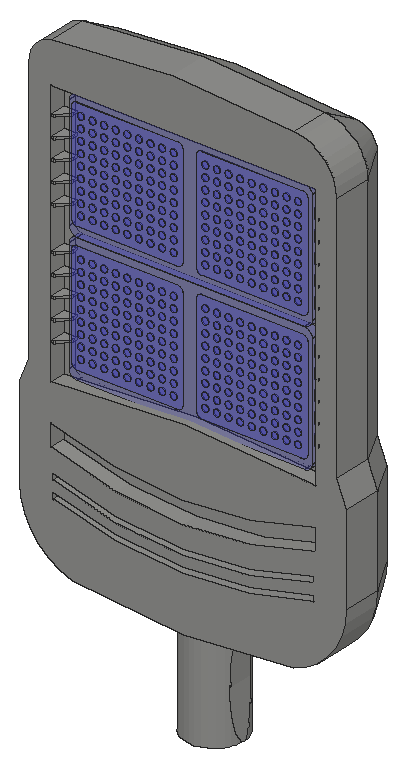
Revit family "VP-2-MAF", category Lighting Fixtures, host Face, Revit 2019
Family settings
  Host = Face
  Round Connector Dimension = Use Diameter
  Part Type = Normal
  OmniClass Number = 23.80.70.11.14.17
  OmniClass Title = Direct/Indirect
  Cut with Voids When Loaded = No
  Light Source = No
  Shared = Yes
  Room Calculation Point = No
Parameters (values of type "VP-2-MAF")
  Wattage Comments = "168W"
  Warranty = "Five year warranty"  # constant formula
  Voltage = 120 V
  URL = "https://www.currentlighting.com/beacon"
  Type Comments = "Lighting Fixture"  # constant formula
  Product Page URL = "https://www.currentlighting.com/outdoor-lighting/viper-area-size-2/9606404"
  Product Documentation Link = "https://cdn.currentlighting.com/site/specsheet/BEA_VIPERSPEC.pdf"
  Power Factor = 0.9
  Name = "Viper Area Size 2"  # constant formula
  Model = "VP-2-MAF"
  Matt Grey = MATT GREY
  Matt Black = Matt Black
  Manufacturer = "Current Lighting"  # constant formula
  Load Classification = Lighting
  Light Output = 12704.00 cd/m²
  Lamp = "LED"  # constant formula
  Grey = Grey
  Glass = Glass
  Features = "Featuring two different optical technologies, Micro Strike and Strike Optics, which provide the best distribution patterns for retrofit or new construction\r\nVibration rated for high vibration applications including bridges and overpasses\r\nControl options including photo control, occupancy sensing, NX Lighting Controls, wiSCAPE and 7-Pin with networked controls\r\nMounting options include: Arm, Universal Arm, Adjustable Arm, Mast Arm, Decorative Arm, Knuckle, Trunnion, Wall\r\nDistribution options include: Auto Front Row, Type 2, Type 3, Type 4 Forward, Type 4 Wide, Type 5 Narrow, Type 5 Medium, Type 5 Wide, Type 5 Rectangular, Corner Optic, and Tennis Court\r\n\r\n"  # constant formula
  Copyright = "© 2022 Current Lighting"  # constant formula
  Cool Grey = Cool Grey
  Contact Us = "https://www.currentlighting.com/contact-us"
  Certification = "UL"  # constant formula
  Description = "The Viper is an extremely versatile area/site luminaire which blends design, performance, and technology for a variety of applications."  # constant formula
  Default Elevation = 48.00"
  Finish = Arctic White
  Matt White = Matt White
  CRI = "70"  # constant formula
  Brand = "Beacon"  # constant formula
  Assembly Code = "D5020200"
  Apparent Load = 168 VA
Reference planes (in)
  plane 1 "Center (Front/Back)": y = 6.16697
  plane 2: z = 0
  plane 3 "Center (Left/Right)": x = 0
  plane 4: z = 3.75
  plane 5: z = -4.44
  plane 6: x = -1.75
  plane 7: x = 1.75
  plane 8: y = 4.41697
  plane 9: y = 7.91697
  plane 10: z = 120
Lines and regions (in)
  reference lines
    curve 1: line (0, 14.42606, -3.25) -> (0, 17.42606, -0.25)
    curve 2: line (0, -2.09213, -3.25) -> (0, 14.42606, -3.25)
    curve 3: line (0, -5.09213, -0.25) -> (0, -2.09213, -3.25)
    curve 4: line (0, 14.42606, -3.25) -> (0, 17.42606, -0.25)
    curve 5: line (0, -5.09213, -0.25) -> (0, 17.42606, -0.25)
    curve 6: line (0, 17.17606, -0.77432) -> (0, 17.92606, -0.77432)
    curve 7: line (0, 17.17606, -1.52432) -> (0, 17.17606, -0.77432)
    curve 8: line (0, 16.69614, -1.52432) -> (0, 17.17606, -1.52432)
    curve 9: line (0, 14.92606, -4.25) -> (0, 16.69614, -1.52432)
    curve 10: line (0, -4.3622, -1.52432) -> (0, -2.59213, -4.25)
    curve 11: line (0, -4.84213, -1.52432) -> (0, -4.3622, -1.52432)
    curve 12: line (0, -4.84213, -0.77432) -> (0, -4.84213, -1.52432)
    curve 13: line (0, -5.59213, -0.77432) -> (0, -4.84213, -0.77432)
Dimensions and locks (in)
  plane 4 to plane 2 = 3.75"
  plane 8 to plane 9 = 3.50"
  equal spacing: plane 8, plane 1 "Center (Front/Back)", plane 9
  equal spacing: plane 6, plane 3 "Center (Left/Right)", plane 7
  plane 6 to plane 7 = 3.50"
  plane 10 to plane 2 = 120.00"
  aligned and locked: plane 2 to host face
  aligned and locked: level to host face
  aligned and locked: plane 3 "Center (Left/Right)" to nested 1
  aligned and locked: plane 1 "Center (Front/Back)" to nested 1
Automatic sketch dimensions
  host sketch curve to host sketch curve = 96.00"
  host sketch curve to host sketch curve = 85.00"
  curve 3 to level = 0.25"
  plane 8 to curve 3 = 9.50909"
  curve 3 to curve 12 = 0.25"
  curve 11 to curve 11 = 0.47992"
  curve 2 to plane 5 = 1.19"
  curve 10 to curve 2 = 2.27008"
  curve 1 to plane 9 = 6.50909"
  curve 9 to level = 1.52432"
  curve 1 to curve 9 = 2.27008"
  curve 8 to curve 8 = 0.47992"
  curve 6 to curve 4 = 0.25"
  curve 10 to curve 3 = 1.27432"
  curve 7 to curve 1 = 0.52432"
  curve 12 to curve 3 = 0.52432"
  curve 13 to curve 3 = 0.50"
  curve 10 to plane 5 = 0.19"
  curve 10 to curve 2 = 0.50"
  curve 9 to plane 5 = 0.19"
  curve 1 to curve 9 = 0.50"
  curve 1 to curve 6 = 0.50"
Nested families (in)
  nested 1: "SIZE2-MAF" at (0, 6.16697, 0), type "SIZE2-MAF"
Connectors (in)
  electrical at (0, 6.16697, 0)
    settings: on nested 1, index 1, voltage 0 V, apparent load 0 VA, apparent load phase1 0 VA, apparent load phase2 0 VA, apparent load phase3 0 VA, power factor 1, load classification "Other", number of poles 1, system type 30, power factor state 1, is connector primary yes, connector utility no, sub classification motor no, connector description ""
Definition of nested family "SIZE2-MAF"
  Parameters (values of type "SIZE2-MAF")
    Width = 14.38"
    Wattage = 168 W
    built-in parameter 1150110 = 1 (stored number, unit not read)
    built-in parameter 1114217 = 1 (stored number, unit not read)
    Tilt Angle = 160.00°
    built-in parameter 1150109 = 1 (stored number, unit not read)
    built-in parameter 1150134 = 3
    built-in parameter 1150113 = 1 (stored number, unit not read)
    Photometric Web File = "VP-2-320L-170-3K7-4-BC.ies"
    Mount Length = 5.00"
    built-in parameter 1150105 = 1016 (stored number, unit not read)
    Lumens = 12768 lm
    built-in parameter 1150115 = 1 (stored number, unit not read)
    built-in parameter 1150137 = (empty or 0)
    built-in parameter 1150139 = (empty or 0)
    Length = 21.88"
    built-in parameter 1150112 = 1 (stored number, unit not read)
    built-in parameter 1150114 = 1 (stored number, unit not read)
    built-in parameter 1150132 = (empty or 0)
    built-in parameter 1150102 = (empty or 0)
    built-in parameter 1150107 = 3200 (stored number, unit not read)
    built-in parameter 1150138 = (empty or 0)
    built-in parameter 1150106 = 10.16 (stored number, unit not read)
    Glass = none
    Fixture = none
    built-in parameter 1150104 = 7.0606 (stored number, unit not read)
    Dimming Lamp Color Temperature Shift = (empty or 0)
    Default Elevation = 48.00"
    Color Filter = 16777215
    built-in parameter 1114218 = 1 (stored number, unit not read)
    built-in parameter 1150133 = 10 (stored number, unit not read)
  Reference planes (in)
    plane 1 "Center (Front/Back)": y = 0
    plane 2: z = 0
    plane 3 "Center (Left/Right)": x = 0
    plane 4: x = 7.19
    plane 5: x = -7.19
    plane 6: z = 5
    plane 7: z = 26.88
    plane 8: y = -1.74
    plane 9: y = 1.74
  Forms (in)
    Extrusion 1, solid
      sketch origin (0, 0, 0) x (1, 0, 0) y (0, 1, 0)
        loop
          line (-48, 48) -> (-48, -48) -> (48, -48) -> (48, 48) -> (-48, 48)
      from 0 to -12
    Extrusion 2, solid, material <- "Fixture"
      sketch origin (0, 0, 0) x (1, 0, 0) y (0, 0, 1)
        loop
          line (-6.90972, 13.22202) -> (-7.315, 12.17799) -> (-7.315, 8.14521)
          arc (-7.315, 8.14521) -> (-6.65907, 6.18733) -> (-4.95604, 5.01974) r 3.25
          arc (-4.95604, 5.01974) -> (0, 4.60164) -> (4.95604, 5.01974) r 29.58274
          arc (4.95604, 5.01974) -> (6.65907, 6.18733) -> (7.315, 8.14521) r 3.25
          line (7.315, 8.14521) -> (7.315, 12.17799) -> (6.8775, 13.30502) -> (6.8775, 24.46879)
          arc (6.8775, 24.46879) -> (6.31653, 25.85775) -> (4.9483, 26.46754) r 2
          arc (4.9483, 26.46754) -> (-0.47287, 26.80918) -> (-5.88692, 26.36884) r 37.73107
          arc (-5.88692, 26.36884) -> (-6.62058, 25.93919) -> (-6.90972, 25.13966) r 1.25
          line (-6.90972, 25.13966) -> (-6.90972, 13.22202)
      from 0 to 1.74
    Extrusion 3, void
      sketch origin (0, 0, 1.125) x (1, 0, 0) y (0, 0, 1)
        loop
          line (-5.94707, 9.88637) -> (-5.94707, 8.88637)
          arc (-5.94707, 8.88637) -> (-0.00354, 7.88584) -> (5.94, 8.88637) r 18.15382
          line (5.94, 8.88637) -> (5.94, 9.88637)
          arc (5.94, 9.88637) -> (-0.00354, 8.88584) -> (-5.94707, 9.88637) r 18.15382
        loop
          line (-5.85535, 7.87828) -> (-5.85535, 7.60486)
          arc (-5.85535, 7.60486) -> (0.0002, 6.63584) -> (5.85535, 7.60727) r 18.15382
          line (5.85535, 7.60727) -> (5.85535, 7.88068)
          arc (5.85535, 7.88068) -> (0.0002, 6.91466) -> (-5.85535, 7.87828) r 18.25
        loop
          line (-5.85535, 7.12828) -> (-5.85535, 6.85486)
          arc (-5.85535, 6.85486) -> (0.0002, 5.88584) -> (5.85535, 6.85727) r 18.15382
          line (5.85535, 6.85727) -> (5.85535, 7.13068)
          arc (5.85535, 7.13068) -> (0.0002, 6.16466) -> (-5.85535, 7.12828) r 18.25
      from 1 to 1.75
    Blend 4, solid, material <- "Fixture"
      base sketch origin (0, 0, 0) x (1, 0, 0) y (0, 0, 1)
        loop
          arc (6.8775, 24.46879) -> (6.31653, 25.85775) -> (4.9483, 26.46754) r 2
          arc (4.9483, 26.46754) -> (-0.47287, 26.80918) -> (-5.88692, 26.36884) r 37.73107
          arc (-5.88692, 26.36884) -> (-6.62058, 25.93919) -> (-6.90972, 25.13966) r 1.25
          line (-6.90972, 25.13966) -> (-6.90972, 13.22202) -> (-7.315, 12.17799) -> (-7.315, 8.14521)
          arc (-7.315, 8.14521) -> (-6.65907, 6.18733) -> (-4.95604, 5.01974) r 3.25
          arc (-4.95604, 5.01974) -> (0, 4.60164) -> (4.95604, 5.01974) r 29.58274
          arc (4.95604, 5.01974) -> (6.65907, 6.18733) -> (7.315, 8.14521) r 3.25
          line (7.315, 8.14521) -> (7.315, 12.17799) -> (6.8775, 13.30502) -> (6.8775, 24.46879)
      top sketch origin (0, 0, 0) x (1, 0, 0) y (0, 0, 1)
        loop
          arc (5.8775, 24.46879) -> (5.58249, 25.17801) -> (4.87152, 25.46878) r 1
          arc (4.87152, 25.46878) -> (-0.42416, 25.80959) -> (-5.71369, 25.38377) r 36.73111
          arc (-5.71369, 25.38377) -> (-5.85465, 25.2962) -> (-5.90972, 25.13966) r 0.25
          line (-5.90972, 25.13966) -> (-5.90972, 13.03474) -> (-6.315, 11.99071) -> (-6.315, 8.14521)
          arc (-6.315, 8.14521) -> (-5.87115, 6.80345) -> (-4.71471, 5.99106) r 2.25
          arc (-4.71471, 5.99106) -> (0, 5.59956) -> (4.71471, 5.99106) r 28.58482
          arc (4.71471, 5.99106) -> (5.87115, 6.80345) -> (6.315, 8.14521) r 2.25
          line (6.315, 8.14521) -> (6.315, 11.99071) -> (5.8775, 13.11774) -> (5.8775, 24.46879)
      from 0 to -1.74
    Extrusion 5, void
      sketch origin (0, 0, 0) x (1, 0, 0) y (0, 0, 1)
        loop
          arc (-5.9362, 12.64783) -> (0.00181, 12.98709) -> (5.94, 12.651) r 52.38036
          line (5.94, 12.651) -> (5.94, 24.56182) -> (-5.9362, 24.56182) -> (-5.9362, 12.64783)
      from 1 to 1.75
    Extrusion 6, solid, material <- "Glass"
      sketch origin (0, 0, -0.25) x (1, 0, 0) y (0, 0, 1)
        loop
          arc (-5.06487, 24.56182) -> (-5.31236, 24.45931) -> (-5.41487, 24.21182) r 0.35
          line (-5.41487, 24.21182) -> (-5.41487, 19.16182)
          arc (-5.41487, 19.16182) -> (-5.31236, 18.91434) -> (-5.06487, 18.81182) r 0.35
          line (-5.06487, 18.81182) -> (5.11803, 18.81182)
          arc (5.11803, 18.81182) -> (5.36552, 18.91434) -> (5.46803, 19.16182) r 0.35
          line (5.46803, 19.16182) -> (5.46803, 24.21182)
          arc (5.46803, 24.21182) -> (5.36552, 24.45931) -> (5.11803, 24.56182) r 0.35
          line (5.11803, 24.56182) -> (-5.06487, 24.56182)
      from 1 to 1.35
    Extrusion 7, solid, material <- "Glass"
      sketch origin (0, 0, -0.25) x (1, 0, 0) y (0, 0, 1)
        loop
          circle (-4.85829, 23.73694) r 0.15
        loop
          circle (-4.33955, 23.73694) r 0.15
        loop
          circle (-3.8208, 23.73694) r 0.15
        loop
          circle (-3.30205, 23.73694) r 0.15
        loop
          circle (-2.7833, 23.73694) r 0.15
        loop
          circle (-2.26455, 23.73694) r 0.15
        loop
          circle (-1.7458, 23.73694) r 0.15
        loop
          circle (-1.22705, 23.73694) r 0.15
        loop
          circle (-0.70831, 23.73694) r 0.15
        loop
          circle (-4.85829, 23.23694) r 0.15
        loop
          circle (-4.33955, 23.23694) r 0.15
        loop
          circle (-3.8208, 23.23694) r 0.15
        loop
          circle (-3.30205, 23.23694) r 0.15
        loop
          circle (-2.7833, 23.23694) r 0.15
        loop
          circle (-2.26455, 23.23694) r 0.15
        loop
          circle (-1.7458, 23.23694) r 0.15
        loop
          circle (-1.22705, 23.23694) r 0.15
        loop
          circle (-0.70831, 23.23694) r 0.15
        loop
          circle (-4.85829, 22.73694) r 0.15
        loop
          circle (-4.33955, 22.73694) r 0.15
        loop
          circle (-3.8208, 22.73694) r 0.15
        loop
          circle (-3.30205, 22.73694) r 0.15
        loop
          circle (-2.7833, 22.73694) r 0.15
        loop
          circle (-2.26455, 22.73694) r 0.15
        loop
          circle (-1.7458, 22.73694) r 0.15
        loop
          circle (-1.22705, 22.73694) r 0.15
        loop
          circle (-0.70831, 22.73694) r 0.15
        loop
          circle (-4.85829, 22.23694) r 0.15
        loop
          circle (-4.33955, 22.23694) r 0.15
        loop
          circle (-3.8208, 22.23694) r 0.15
        loop
          circle (-3.30205, 22.23694) r 0.15
        loop
          circle (-2.7833, 22.23694) r 0.15
        loop
          circle (-2.26455, 22.23694) r 0.15
        loop
          circle (-1.7458, 22.23694) r 0.15
        loop
          circle (-1.22705, 22.23694) r 0.15
        loop
          circle (-0.70831, 22.23694) r 0.15
        loop
          circle (-4.85829, 21.73694) r 0.15
        loop
          circle (-4.33955, 21.73694) r 0.15
        loop
          circle (-3.8208, 21.73694) r 0.15
        loop
          circle (-3.30205, 21.73694) r 0.15
        loop
          circle (-2.7833, 21.73694) r 0.15
        loop
          circle (-2.26455, 21.73694) r 0.15
        loop
          circle (-1.7458, 21.73694) r 0.15
        loop
          circle (-1.22705, 21.73694) r 0.15
        loop
          circle (-0.70831, 21.73694) r 0.15
        loop
          circle (-4.85829, 21.23694) r 0.15
        loop
          circle (-4.33955, 21.23694) r 0.15
        loop
          circle (-3.8208, 21.23694) r 0.15
        loop
          circle (-3.30205, 21.23694) r 0.15
        loop
          circle (-2.7833, 21.23694) r 0.15
        loop
          circle (-2.26455, 21.23694) r 0.15
        loop
          circle (-1.7458, 21.23694) r 0.15
        loop
          circle (-1.22705, 21.23694) r 0.15
        loop
          circle (-0.70831, 21.23694) r 0.15
        loop
          circle (-4.85829, 20.73694) r 0.15
        loop
          circle (-4.33955, 20.73694) r 0.15
        loop
          circle (-3.8208, 20.73694) r 0.15
        loop
          circle (-3.30205, 20.73694) r 0.15
        loop
          circle (-2.7833, 20.73694) r 0.15
        loop
          circle (-2.26455, 20.73694) r 0.15
        loop
          circle (-1.7458, 20.73694) r 0.15
        loop
          circle (-1.22705, 20.73694) r 0.15
        loop
          circle (-0.70831, 20.73694) r 0.15
        loop
          circle (-4.85829, 20.23694) r 0.15
        loop
          circle (-4.33955, 20.23694) r 0.15
        loop
          circle (-3.8208, 20.23694) r 0.15
        loop
          circle (-3.30205, 20.23694) r 0.15
        loop
          circle (-2.7833, 20.23694) r 0.15
        loop
          circle (-2.26455, 20.23694) r 0.15
        loop
          circle (-1.7458, 20.23694) r 0.15
        loop
          circle (-1.22705, 20.23694) r 0.15
        loop
          circle (-0.70831, 20.23694) r 0.15
        loop
          circle (-4.85829, 19.73694) r 0.15
        loop
          circle (-4.33955, 19.73694) r 0.15
        loop
          circle (-3.8208, 19.73694) r 0.15
        loop
          circle (-3.30205, 19.73694) r 0.15
        loop
          circle (-2.7833, 19.73694) r 0.15
        loop
          circle (-2.26455, 19.73694) r 0.15
        loop
          circle (-1.7458, 19.73694) r 0.15
        loop
          circle (-1.22705, 19.73694) r 0.15
        loop
          circle (-0.70831, 19.73694) r 0.15
      from 1.35 to 1.4
    Extrusion 8, solid, material <- "Glass"
      sketch origin (0, 0, -0.25) x (-1, 0, 0) y (0, 0, -1)
        loop
          circle (-4.85829, -23.73694) r 0.15
        loop
          circle (-4.33955, -23.73694) r 0.15
        loop
          circle (-3.8208, -23.73694) r 0.15
        loop
          circle (-3.30205, -23.73694) r 0.15
        loop
          circle (-2.7833, -23.73694) r 0.15
        loop
          circle (-2.26455, -23.73694) r 0.15
        loop
          circle (-1.7458, -23.73694) r 0.15
        loop
          circle (-1.22705, -23.73694) r 0.15
        loop
          circle (-0.70831, -23.73694) r 0.15
        loop
          circle (-4.85829, -23.23694) r 0.15
        loop
          circle (-4.33955, -23.23694) r 0.15
        loop
          circle (-3.8208, -23.23694) r 0.15
        loop
          circle (-3.30205, -23.23694) r 0.15
        loop
          circle (-2.7833, -23.23694) r 0.15
        loop
          circle (-2.26455, -23.23694) r 0.15
        loop
          circle (-1.7458, -23.23694) r 0.15
        loop
          circle (-1.22705, -23.23694) r 0.15
        loop
          circle (-0.70831, -23.23694) r 0.15
        loop
          circle (-4.85829, -22.73694) r 0.15
        loop
          circle (-4.33955, -22.73694) r 0.15
        loop
          circle (-3.8208, -22.73694) r 0.15
        loop
          circle (-3.30205, -22.73694) r 0.15
        loop
          circle (-2.7833, -22.73694) r 0.15
        loop
          circle (-2.26455, -22.73694) r 0.15
        loop
          circle (-1.7458, -22.73694) r 0.15
        loop
          circle (-1.22705, -22.73694) r 0.15
        loop
          circle (-0.70831, -22.73694) r 0.15
        loop
          circle (-4.85829, -22.23694) r 0.15
        loop
          circle (-4.33955, -22.23694) r 0.15
        loop
          circle (-3.8208, -22.23694) r 0.15
        loop
          circle (-3.30205, -22.23694) r 0.15
        loop
          circle (-2.7833, -22.23694) r 0.15
        loop
          circle (-2.26455, -22.23694) r 0.15
        loop
          circle (-1.7458, -22.23694) r 0.15
        loop
          circle (-1.22705, -22.23694) r 0.15
        loop
          circle (-0.70831, -22.23694) r 0.15
        loop
          circle (-4.85829, -21.73694) r 0.15
        loop
          circle (-4.33955, -21.73694) r 0.15
        loop
          circle (-3.8208, -21.73694) r 0.15
        loop
          circle (-3.30205, -21.73694) r 0.15
        loop
          circle (-2.7833, -21.73694) r 0.15
        loop
          circle (-2.26455, -21.73694) r 0.15
        loop
          circle (-1.7458, -21.73694) r 0.15
        loop
          circle (-1.22705, -21.73694) r 0.15
        loop
          circle (-0.70831, -21.73694) r 0.15
        loop
          circle (-4.85829, -21.23694) r 0.15
        loop
          circle (-4.33955, -21.23694) r 0.15
        loop
          circle (-3.8208, -21.23694) r 0.15
        loop
          circle (-3.30205, -21.23694) r 0.15
        loop
          circle (-2.7833, -21.23694) r 0.15
        loop
          circle (-2.26455, -21.23694) r 0.15
        loop
          circle (-1.7458, -21.23694) r 0.15
        loop
          circle (-1.22705, -21.23694) r 0.15
        loop
          circle (-0.70831, -21.23694) r 0.15
        loop
          circle (-4.85829, -20.73694) r 0.15
        loop
          circle (-4.33955, -20.73694) r 0.15
        loop
          circle (-3.8208, -20.73694) r 0.15
        loop
          circle (-3.30205, -20.73694) r 0.15
        loop
          circle (-2.7833, -20.73694) r 0.15
        loop
          circle (-2.26455, -20.73694) r 0.15
        loop
          circle (-1.7458, -20.73694) r 0.15
        loop
          circle (-1.22705, -20.73694) r 0.15
        loop
          circle (-0.70831, -20.73694) r 0.15
        loop
          circle (-4.85829, -20.23694) r 0.15
        loop
          circle (-4.33955, -20.23694) r 0.15
        loop
          circle (-3.8208, -20.23694) r 0.15
        loop
          circle (-3.30205, -20.23694) r 0.15
        loop
          circle (-2.7833, -20.23694) r 0.15
        loop
          circle (-2.26455, -20.23694) r 0.15
        loop
          circle (-1.7458, -20.23694) r 0.15
        loop
          circle (-1.22705, -20.23694) r 0.15
        loop
          circle (-0.70831, -20.23694) r 0.15
        loop
          circle (-4.85829, -19.73694) r 0.15
        loop
          circle (-4.33955, -19.73694) r 0.15
        loop
          circle (-3.8208, -19.73694) r 0.15
        loop
          circle (-3.30205, -19.73694) r 0.15
        loop
          circle (-2.7833, -19.73694) r 0.15
        loop
          circle (-2.26455, -19.73694) r 0.15
        loop
          circle (-1.7458, -19.73694) r 0.15
        loop
          circle (-1.22705, -19.73694) r 0.15
        loop
          circle (-0.70831, -19.73694) r 0.15
      from 1.35 to 1.4
    Extrusion 9, solid, material <- "Glass"
      sketch origin (0, 0, -0.25) x (1, 0, 0) y (0, 0, 1)
        loop
          arc (-5.04655, 24.2409) -> (-5.22333, 24.16768) -> (-5.29655, 23.9909) r 0.25
          line (-5.29655, 23.9909) -> (-5.29655, 19.4909)
          arc (-5.29655, 19.4909) -> (-5.22333, 19.31412) -> (-5.04655, 19.2409) r 0.25
          line (-5.04655, 19.2409) -> (-0.54655, 19.2409)
          arc (-0.54655, 19.2409) -> (-0.36977, 19.31412) -> (-0.29655, 19.4909) r 0.25
          line (-0.29655, 19.4909) -> (-0.29655, 23.9909)
          arc (-0.29655, 23.9909) -> (-0.36977, 24.16768) -> (-0.54655, 24.2409) r 0.25
          line (-0.54655, 24.2409) -> (-5.04655, 24.2409)
      from 1.35 to 1.37213
    Extrusion 10, solid, material <- "Glass"
      sketch origin (0, 0, -0.25) x (-1, 0, 0) y (0, 0, -1)
        loop
          line (-5.04655, -24.2409) -> (-0.54655, -24.2409)
          arc (-0.54655, -24.2409) -> (-0.36977, -24.16768) -> (-0.29655, -23.9909) r 0.25
          line (-0.29655, -23.9909) -> (-0.29655, -19.4909)
          arc (-0.29655, -19.4909) -> (-0.36977, -19.31412) -> (-0.54655, -19.2409) r 0.25
          line (-0.54655, -19.2409) -> (-5.04655, -19.2409)
          arc (-5.04655, -19.2409) -> (-5.22333, -19.31412) -> (-5.29655, -19.4909) r 0.25
          line (-5.29655, -19.4909) -> (-5.29655, -23.9909)
          arc (-5.29655, -23.9909) -> (-5.22333, -24.16768) -> (-5.04655, -24.2409) r 0.25
      from 1.35 to 1.37213
    Extrusion 11, solid, material <- "Fixture"
      sketch origin (0.125, 0, -0.75) x (1, 0, 0) y (0, 1, 0)
        loop
          line (5.34818, -1) -> (5.34818, -1.20146)
          arc (5.34818, -1.20146) -> (5.35492, -1.23973) -> (5.37436, -1.27339) r 0.1119
          line (5.37436, -1.27339) -> (5.73492, -1.70309)
          arc (5.73492, -1.70309) -> (5.76289, -1.72455) -> (5.79732, -1.73219) r 0.08147
          line (5.79732, -1.73219) -> (5.94, -1.73219) -> (5.94, -1) -> (5.34818, -1)
      from 18.55 to 18.65
    Extrusion 12, solid, material <- "Fixture"
      sketch origin (0.125, 0, -1.65239) x (1, 0, 0) y (0, 1, 0)
        loop
          line (5.34818, -1) -> (5.34818, -1.20146)
          arc (5.34818, -1.20146) -> (5.35492, -1.23973) -> (5.37436, -1.27339) r 0.1119
          line (5.37436, -1.27339) -> (5.73492, -1.70309)
          arc (5.73492, -1.70309) -> (5.76289, -1.72455) -> (5.79732, -1.73219) r 0.08147
          line (5.79732, -1.73219) -> (5.94, -1.73219) -> (5.94, -1) -> (5.34818, -1)
      from 18.55 to 18.65
    Extrusion 13, solid, material <- "Fixture"
      sketch origin (0.125, 0, -2.54421) x (1, 0, 0) y (0, 1, 0)
        loop
          line (5.34818, -1) -> (5.34818, -1.20146)
          arc (5.34818, -1.20146) -> (5.35492, -1.23973) -> (5.37436, -1.27339) r 0.1119
          line (5.37436, -1.27339) -> (5.73492, -1.70309)
          arc (5.73492, -1.70309) -> (5.76289, -1.72455) -> (5.79732, -1.73219) r 0.08147
          line (5.79732, -1.73219) -> (5.94, -1.73219) -> (5.94, -1) -> (5.34818, -1)
      from 18.55 to 18.65
    Extrusion 14, solid, material <- "Fixture"
      sketch origin (0.125, 0, -3.43603) x (1, 0, 0) y (0, 1, 0)
        loop
          line (5.34818, -1) -> (5.34818, -1.20146)
          arc (5.34818, -1.20146) -> (5.35492, -1.23973) -> (5.37436, -1.27339) r 0.1119
          line (5.37436, -1.27339) -> (5.73492, -1.70309)
          arc (5.73492, -1.70309) -> (5.76289, -1.72455) -> (5.79732, -1.73219) r 0.08147
          line (5.79732, -1.73219) -> (5.94, -1.73219) -> (5.94, -1) -> (5.34818, -1)
      from 18.55 to 18.65
    Extrusion 15, solid, material <- "Fixture"
      sketch origin (0.125, 0, -4.32681) x (1, 0, 0) y (0, 1, 0)
        loop
          line (5.34818, -1) -> (5.34818, -1.20146)
          arc (5.34818, -1.20146) -> (5.35492, -1.23973) -> (5.37436, -1.27339) r 0.1119
          line (5.37436, -1.27339) -> (5.73492, -1.70309)
          arc (5.73492, -1.70309) -> (5.76289, -1.72455) -> (5.79732, -1.73219) r 0.08147
          line (5.79732, -1.73219) -> (5.94, -1.73219) -> (5.94, -1) -> (5.34818, -1)
      from 18.55 to 18.65
    Extrusion 16, solid, material <- "Fixture"
      sketch origin (0, 0, -0.75) x (-1, 0, 0) y (0, -1, 0)
        loop
          line (5.34818, 1) -> (5.94, 1) -> (5.94, 1.73219) -> (5.79732, 1.73219)
          arc (5.79732, 1.73219) -> (5.76289, 1.72455) -> (5.73492, 1.70309) r 0.08147
          line (5.73492, 1.70309) -> (5.37436, 1.27339)
          arc (5.37436, 1.27339) -> (5.35492, 1.23973) -> (5.34818, 1.20146) r 0.1119
          line (5.34818, 1.20146) -> (5.34818, 1)
      from 18.55 to 18.65
    Extrusion 17, solid, material <- "Fixture"
      sketch origin (0, 0, -1.65239) x (-1, 0, 0) y (0, -1, 0)
        loop
          line (5.34818, 1) -> (5.94, 1) -> (5.94, 1.73219) -> (5.79732, 1.73219)
          arc (5.79732, 1.73219) -> (5.76289, 1.72455) -> (5.73492, 1.70309) r 0.08147
          line (5.73492, 1.70309) -> (5.37436, 1.27339)
          arc (5.37436, 1.27339) -> (5.35492, 1.23973) -> (5.34818, 1.20146) r 0.1119
          line (5.34818, 1.20146) -> (5.34818, 1)
      from 18.55 to 18.65
    Extrusion 18, solid, material <- "Fixture"
      sketch origin (0, 0, -2.54421) x (-1, 0, 0) y (0, -1, 0)
        loop
          line (5.34818, 1) -> (5.94, 1) -> (5.94, 1.73219) -> (5.79732, 1.73219)
          arc (5.79732, 1.73219) -> (5.76289, 1.72455) -> (5.73492, 1.70309) r 0.08147
          line (5.73492, 1.70309) -> (5.37436, 1.27339)
          arc (5.37436, 1.27339) -> (5.35492, 1.23973) -> (5.34818, 1.20146) r 0.1119
          line (5.34818, 1.20146) -> (5.34818, 1)
      from 18.55 to 18.65
    Extrusion 19, solid, material <- "Fixture"
      sketch origin (0, 0, -3.43603) x (-1, 0, 0) y (0, -1, 0)
        loop
          line (5.34818, 1) -> (5.94, 1) -> (5.94, 1.73219) -> (5.79732, 1.73219)
          arc (5.79732, 1.73219) -> (5.76289, 1.72455) -> (5.73492, 1.70309) r 0.08147
          line (5.73492, 1.70309) -> (5.37436, 1.27339)
          arc (5.37436, 1.27339) -> (5.35492, 1.23973) -> (5.34818, 1.20146) r 0.1119
          line (5.34818, 1.20146) -> (5.34818, 1)
      from 18.55 to 18.65
    Extrusion 20, solid, material <- "Fixture"
      sketch origin (0, 0, -4.32681) x (-1, 0, 0) y (0, -1, 0)
        loop
          line (5.34818, 1) -> (5.94, 1) -> (5.94, 1.73219) -> (5.79732, 1.73219)
          arc (5.79732, 1.73219) -> (5.76289, 1.72455) -> (5.73492, 1.70309) r 0.08147
          line (5.73492, 1.70309) -> (5.37436, 1.27339)
          arc (5.37436, 1.27339) -> (5.35492, 1.23973) -> (5.34818, 1.20146) r 0.1119
          line (5.34818, 1.20146) -> (5.34818, 1)
      from 18.55 to 18.65
    Extrusion 21, solid, material <- "Fixture"
      sketch origin (0.125, 0, 4.75) x (1, 0, 0) y (0, 1, 0)
        loop
          line (5.34818, -1) -> (5.34818, -1.20146)
          arc (5.34818, -1.20146) -> (5.35492, -1.23973) -> (5.37436, -1.27339) r 0.1119
          line (5.37436, -1.27339) -> (5.73492, -1.70309)
          arc (5.73492, -1.70309) -> (5.76289, -1.72455) -> (5.79732, -1.73219) r 0.08147
          line (5.79732, -1.73219) -> (5.94, -1.73219) -> (5.94, -1) -> (5.34818, -1)
      from 18.55 to 18.65
    Extrusion 22, solid, material <- "Fixture"
      sketch origin (0.125, 0, 3.84761) x (1, 0, 0) y (0, 1, 0)
        loop
          line (5.34818, -1) -> (5.34818, -1.20146)
          arc (5.34818, -1.20146) -> (5.35492, -1.23973) -> (5.37436, -1.27339) r 0.1119
          line (5.37436, -1.27339) -> (5.73492, -1.70309)
          arc (5.73492, -1.70309) -> (5.76289, -1.72455) -> (5.79732, -1.73219) r 0.08147
          line (5.79732, -1.73219) -> (5.94, -1.73219) -> (5.94, -1) -> (5.34818, -1)
      from 18.55 to 18.65
    Extrusion 23, solid, material <- "Fixture"
      sketch origin (0.125, 0, 2.95579) x (1, 0, 0) y (0, 1, 0)
        loop
          line (5.34818, -1) -> (5.34818, -1.20146)
          arc (5.34818, -1.20146) -> (5.35492, -1.23973) -> (5.37436, -1.27339) r 0.1119
          line (5.37436, -1.27339) -> (5.73492, -1.70309)
          arc (5.73492, -1.70309) -> (5.76289, -1.72455) -> (5.79732, -1.73219) r 0.08147
          line (5.79732, -1.73219) -> (5.94, -1.73219) -> (5.94, -1) -> (5.34818, -1)
      from 18.55 to 18.65
    Extrusion 24, solid, material <- "Fixture"
      sketch origin (0.125, 0, 2.06397) x (1, 0, 0) y (0, 1, 0)
        loop
          line (5.34818, -1) -> (5.34818, -1.20146)
          arc (5.34818, -1.20146) -> (5.35492, -1.23973) -> (5.37436, -1.27339) r 0.1119
          line (5.37436, -1.27339) -> (5.73492, -1.70309)
          arc (5.73492, -1.70309) -> (5.76289, -1.72455) -> (5.79732, -1.73219) r 0.08147
          line (5.79732, -1.73219) -> (5.94, -1.73219) -> (5.94, -1) -> (5.34818, -1)
      from 18.55 to 18.65
    Extrusion 25, solid, material <- "Fixture"
      sketch origin (0.125, 0, 1.17319) x (1, 0, 0) y (0, 1, 0)
        loop
          line (5.34818, -1) -> (5.34818, -1.20146)
          arc (5.34818, -1.20146) -> (5.35492, -1.23973) -> (5.37436, -1.27339) r 0.1119
          line (5.37436, -1.27339) -> (5.73492, -1.70309)
          arc (5.73492, -1.70309) -> (5.76289, -1.72455) -> (5.79732, -1.73219) r 0.08147
          line (5.79732, -1.73219) -> (5.94, -1.73219) -> (5.94, -1) -> (5.34818, -1)
      from 18.55 to 18.65
    Extrusion 26, solid, material <- "Fixture"
      sketch origin (0, 0, 4.75) x (-1, 0, 0) y (0, -1, 0)
        loop
          line (5.34818, 1) -> (5.94, 1) -> (5.94, 1.73219) -> (5.79732, 1.73219)
          arc (5.79732, 1.73219) -> (5.76289, 1.72455) -> (5.73492, 1.70309) r 0.08147
          line (5.73492, 1.70309) -> (5.37436, 1.27339)
          arc (5.37436, 1.27339) -> (5.35492, 1.23973) -> (5.34818, 1.20146) r 0.1119
          line (5.34818, 1.20146) -> (5.34818, 1)
      from 18.55 to 18.65
    Extrusion 27, solid, material <- "Fixture"
      sketch origin (0, 0, 3.84761) x (-1, 0, 0) y (0, -1, 0)
        loop
          line (5.34818, 1) -> (5.94, 1) -> (5.94, 1.73219) -> (5.79732, 1.73219)
          arc (5.79732, 1.73219) -> (5.76289, 1.72455) -> (5.73492, 1.70309) r 0.08147
          line (5.73492, 1.70309) -> (5.37436, 1.27339)
          arc (5.37436, 1.27339) -> (5.35492, 1.23973) -> (5.34818, 1.20146) r 0.1119
          line (5.34818, 1.20146) -> (5.34818, 1)
      from 18.55 to 18.65
    Extrusion 28, solid, material <- "Fixture"
      sketch origin (0, 0, 2.95579) x (-1, 0, 0) y (0, -1, 0)
        loop
          line (5.34818, 1) -> (5.94, 1) -> (5.94, 1.73219) -> (5.79732, 1.73219)
          arc (5.79732, 1.73219) -> (5.76289, 1.72455) -> (5.73492, 1.70309) r 0.08147
          line (5.73492, 1.70309) -> (5.37436, 1.27339)
          arc (5.37436, 1.27339) -> (5.35492, 1.23973) -> (5.34818, 1.20146) r 0.1119
          line (5.34818, 1.20146) -> (5.34818, 1)
      from 18.55 to 18.65
    Extrusion 29, solid, material <- "Fixture"
      sketch origin (0, 0, 2.06397) x (-1, 0, 0) y (0, -1, 0)
        loop
          line (5.34818, 1) -> (5.94, 1) -> (5.94, 1.73219) -> (5.79732, 1.73219)
          arc (5.79732, 1.73219) -> (5.76289, 1.72455) -> (5.73492, 1.70309) r 0.08147
          line (5.73492, 1.70309) -> (5.37436, 1.27339)
          arc (5.37436, 1.27339) -> (5.35492, 1.23973) -> (5.34818, 1.20146) r 0.1119
          line (5.34818, 1.20146) -> (5.34818, 1)
      from 18.55 to 18.65
    Extrusion 30, solid, material <- "Fixture"
      sketch origin (0, 0, 1.17319) x (-1, 0, 0) y (0, -1, 0)
        loop
          line (5.34818, 1) -> (5.94, 1) -> (5.94, 1.73219) -> (5.79732, 1.73219)
          arc (5.79732, 1.73219) -> (5.76289, 1.72455) -> (5.73492, 1.70309) r 0.08147
          line (5.73492, 1.70309) -> (5.37436, 1.27339)
          arc (5.37436, 1.27339) -> (5.35492, 1.23973) -> (5.34818, 1.20146) r 0.1119
          line (5.34818, 1.20146) -> (5.34818, 1)
      from 18.55 to 18.65
    Extrusion 31, solid, material <- "Glass"
      sketch origin (0, 0, -6) x (1, 0, 0) y (0, 0, 1)
        loop
          arc (-5.06487, 24.56182) -> (-5.31236, 24.45931) -> (-5.41487, 24.21182) r 0.35
          line (-5.41487, 24.21182) -> (-5.41487, 19.16182)
          arc (-5.41487, 19.16182) -> (-5.31236, 18.91434) -> (-5.06487, 18.81182) r 0.35
          line (-5.06487, 18.81182) -> (5.11803, 18.81182)
          arc (5.11803, 18.81182) -> (5.36552, 18.91434) -> (5.46803, 19.16182) r 0.35
          line (5.46803, 19.16182) -> (5.46803, 24.21182)
          arc (5.46803, 24.21182) -> (5.36552, 24.45931) -> (5.11803, 24.56182) r 0.35
          line (5.11803, 24.56182) -> (-5.06487, 24.56182)
      from 1 to 1.35
    Extrusion 32, solid, material <- "Glass"
      sketch origin (0, 0, -6) x (1, 0, 0) y (0, 0, 1)
        loop
          circle (-4.85829, 23.73694) r 0.15
        loop
          circle (-4.33955, 23.73694) r 0.15
        loop
          circle (-3.8208, 23.73694) r 0.15
        loop
          circle (-3.30205, 23.73694) r 0.15
        loop
          circle (-2.7833, 23.73694) r 0.15
        loop
          circle (-2.26455, 23.73694) r 0.15
        loop
          circle (-1.7458, 23.73694) r 0.15
        loop
          circle (-1.22705, 23.73694) r 0.15
        loop
          circle (-0.70831, 23.73694) r 0.15
        loop
          circle (-4.85829, 23.23694) r 0.15
        loop
          circle (-4.33955, 23.23694) r 0.15
        loop
          circle (-3.8208, 23.23694) r 0.15
        loop
          circle (-3.30205, 23.23694) r 0.15
        loop
          circle (-2.7833, 23.23694) r 0.15
        loop
          circle (-2.26455, 23.23694) r 0.15
        loop
          circle (-1.7458, 23.23694) r 0.15
        loop
          circle (-1.22705, 23.23694) r 0.15
        loop
          circle (-0.70831, 23.23694) r 0.15
        loop
          circle (-4.85829, 22.73694) r 0.15
        loop
          circle (-4.33955, 22.73694) r 0.15
        loop
          circle (-3.8208, 22.73694) r 0.15
        loop
          circle (-3.30205, 22.73694) r 0.15
        loop
          circle (-2.7833, 22.73694) r 0.15
        loop
          circle (-2.26455, 22.73694) r 0.15
        loop
          circle (-1.7458, 22.73694) r 0.15
        loop
          circle (-1.22705, 22.73694) r 0.15
        loop
          circle (-0.70831, 22.73694) r 0.15
        loop
          circle (-4.85829, 22.23694) r 0.15
        loop
          circle (-4.33955, 22.23694) r 0.15
        loop
          circle (-3.8208, 22.23694) r 0.15
        loop
          circle (-3.30205, 22.23694) r 0.15
        loop
          circle (-2.7833, 22.23694) r 0.15
        loop
          circle (-2.26455, 22.23694) r 0.15
        loop
          circle (-1.7458, 22.23694) r 0.15
        loop
          circle (-1.22705, 22.23694) r 0.15
        loop
          circle (-0.70831, 22.23694) r 0.15
        loop
          circle (-4.85829, 21.73694) r 0.15
        loop
          circle (-4.33955, 21.73694) r 0.15
        loop
          circle (-3.8208, 21.73694) r 0.15
        loop
          circle (-3.30205, 21.73694) r 0.15
        loop
          circle (-2.7833, 21.73694) r 0.15
        loop
          circle (-2.26455, 21.73694) r 0.15
        loop
          circle (-1.7458, 21.73694) r 0.15
        loop
          circle (-1.22705, 21.73694) r 0.15
        loop
          circle (-0.70831, 21.73694) r 0.15
        loop
          circle (-4.85829, 21.23694) r 0.15
        loop
          circle (-4.33955, 21.23694) r 0.15
        loop
          circle (-3.8208, 21.23694) r 0.15
        loop
          circle (-3.30205, 21.23694) r 0.15
        loop
          circle (-2.7833, 21.23694) r 0.15
        loop
          circle (-2.26455, 21.23694) r 0.15
        loop
          circle (-1.7458, 21.23694) r 0.15
        loop
          circle (-1.22705, 21.23694) r 0.15
        loop
          circle (-0.70831, 21.23694) r 0.15
        loop
          circle (-4.85829, 20.73694) r 0.15
        loop
          circle (-4.33955, 20.73694) r 0.15
        loop
          circle (-3.8208, 20.73694) r 0.15
        loop
          circle (-3.30205, 20.73694) r 0.15
        loop
          circle (-2.7833, 20.73694) r 0.15
        loop
          circle (-2.26455, 20.73694) r 0.15
        loop
          circle (-1.7458, 20.73694) r 0.15
        loop
          circle (-1.22705, 20.73694) r 0.15
        loop
          circle (-0.70831, 20.73694) r 0.15
        loop
          circle (-4.85829, 20.23694) r 0.15
        loop
          circle (-4.33955, 20.23694) r 0.15
        loop
          circle (-3.8208, 20.23694) r 0.15
        loop
          circle (-3.30205, 20.23694) r 0.15
        loop
          circle (-2.7833, 20.23694) r 0.15
        loop
          circle (-2.26455, 20.23694) r 0.15
        loop
          circle (-1.7458, 20.23694) r 0.15
        loop
          circle (-1.22705, 20.23694) r 0.15
        loop
          circle (-0.70831, 20.23694) r 0.15
        loop
          circle (-4.85829, 19.73694) r 0.15
        loop
          circle (-4.33955, 19.73694) r 0.15
        loop
          circle (-3.8208, 19.73694) r 0.15
        loop
          circle (-3.30205, 19.73694) r 0.15
        loop
          circle (-2.7833, 19.73694) r 0.15
        loop
          circle (-2.26455, 19.73694) r 0.15
        loop
          circle (-1.7458, 19.73694) r 0.15
        loop
          circle (-1.22705, 19.73694) r 0.15
        loop
          circle (-0.70831, 19.73694) r 0.15
      from 1.35 to 1.4
    Extrusion 33, solid, material <- "Glass"
      sketch origin (0, 0, -6) x (-1, 0, 0) y (0, 0, -1)
        loop
          circle (-4.85829, -23.73694) r 0.15
        loop
          circle (-4.33955, -23.73694) r 0.15
        loop
          circle (-3.8208, -23.73694) r 0.15
        loop
          circle (-3.30205, -23.73694) r 0.15
        loop
          circle (-2.7833, -23.73694) r 0.15
        loop
          circle (-2.26455, -23.73694) r 0.15
        loop
          circle (-1.7458, -23.73694) r 0.15
        loop
          circle (-1.22705, -23.73694) r 0.15
        loop
          circle (-0.70831, -23.73694) r 0.15
        loop
          circle (-4.85829, -23.23694) r 0.15
        loop
          circle (-4.33955, -23.23694) r 0.15
        loop
          circle (-3.8208, -23.23694) r 0.15
        loop
          circle (-3.30205, -23.23694) r 0.15
        loop
          circle (-2.7833, -23.23694) r 0.15
        loop
          circle (-2.26455, -23.23694) r 0.15
        loop
          circle (-1.7458, -23.23694) r 0.15
        loop
          circle (-1.22705, -23.23694) r 0.15
        loop
          circle (-0.70831, -23.23694) r 0.15
        loop
          circle (-4.85829, -22.73694) r 0.15
        loop
          circle (-4.33955, -22.73694) r 0.15
        loop
          circle (-3.8208, -22.73694) r 0.15
        loop
          circle (-3.30205, -22.73694) r 0.15
        loop
          circle (-2.7833, -22.73694) r 0.15
        loop
          circle (-2.26455, -22.73694) r 0.15
        loop
          circle (-1.7458, -22.73694) r 0.15
        loop
          circle (-1.22705, -22.73694) r 0.15
        loop
          circle (-0.70831, -22.73694) r 0.15
        loop
          circle (-4.85829, -22.23694) r 0.15
        loop
          circle (-4.33955, -22.23694) r 0.15
        loop
          circle (-3.8208, -22.23694) r 0.15
        loop
          circle (-3.30205, -22.23694) r 0.15
        loop
          circle (-2.7833, -22.23694) r 0.15
        loop
          circle (-2.26455, -22.23694) r 0.15
        loop
          circle (-1.7458, -22.23694) r 0.15
        loop
          circle (-1.22705, -22.23694) r 0.15
        loop
          circle (-0.70831, -22.23694) r 0.15
        loop
          circle (-4.85829, -21.73694) r 0.15
        loop
          circle (-4.33955, -21.73694) r 0.15
        loop
          circle (-3.8208, -21.73694) r 0.15
        loop
          circle (-3.30205, -21.73694) r 0.15
        loop
          circle (-2.7833, -21.73694) r 0.15
        loop
          circle (-2.26455, -21.73694) r 0.15
        loop
          circle (-1.7458, -21.73694) r 0.15
        loop
          circle (-1.22705, -21.73694) r 0.15
        loop
          circle (-0.70831, -21.73694) r 0.15
        loop
          circle (-4.85829, -21.23694) r 0.15
        loop
          circle (-4.33955, -21.23694) r 0.15
        loop
          circle (-3.8208, -21.23694) r 0.15
        loop
          circle (-3.30205, -21.23694) r 0.15
        loop
          circle (-2.7833, -21.23694) r 0.15
        loop
          circle (-2.26455, -21.23694) r 0.15
        loop
          circle (-1.7458, -21.23694) r 0.15
        loop
          circle (-1.22705, -21.23694) r 0.15
        loop
          circle (-0.70831, -21.23694) r 0.15
        loop
          circle (-4.85829, -20.73694) r 0.15
        loop
          circle (-4.33955, -20.73694) r 0.15
        loop
          circle (-3.8208, -20.73694) r 0.15
        loop
          circle (-3.30205, -20.73694) r 0.15
        loop
          circle (-2.7833, -20.73694) r 0.15
        loop
          circle (-2.26455, -20.73694) r 0.15
        loop
          circle (-1.7458, -20.73694) r 0.15
        loop
          circle (-1.22705, -20.73694) r 0.15
        loop
          circle (-0.70831, -20.73694) r 0.15
        loop
          circle (-4.85829, -20.23694) r 0.15
        loop
          circle (-4.33955, -20.23694) r 0.15
        loop
          circle (-3.8208, -20.23694) r 0.15
        loop
          circle (-3.30205, -20.23694) r 0.15
        loop
          circle (-2.7833, -20.23694) r 0.15
        loop
          circle (-2.26455, -20.23694) r 0.15
        loop
          circle (-1.7458, -20.23694) r 0.15
        loop
          circle (-1.22705, -20.23694) r 0.15
        loop
          circle (-0.70831, -20.23694) r 0.15
        loop
          circle (-4.85829, -19.73694) r 0.15
        loop
          circle (-4.33955, -19.73694) r 0.15
        loop
          circle (-3.8208, -19.73694) r 0.15
        loop
          circle (-3.30205, -19.73694) r 0.15
        loop
          circle (-2.7833, -19.73694) r 0.15
        loop
          circle (-2.26455, -19.73694) r 0.15
        loop
          circle (-1.7458, -19.73694) r 0.15
        loop
          circle (-1.22705, -19.73694) r 0.15
        loop
          circle (-0.70831, -19.73694) r 0.15
      from 1.35 to 1.4
    Extrusion 34, solid, material <- "Glass"
      sketch origin (0, 0, -6) x (1, 0, 0) y (0, 0, 1)
        loop
          arc (-5.04655, 24.2409) -> (-5.22333, 24.16768) -> (-5.29655, 23.9909) r 0.25
          line (-5.29655, 23.9909) -> (-5.29655, 19.4909)
          arc (-5.29655, 19.4909) -> (-5.22333, 19.31412) -> (-5.04655, 19.2409) r 0.25
          line (-5.04655, 19.2409) -> (-0.54655, 19.2409)
          arc (-0.54655, 19.2409) -> (-0.36977, 19.31412) -> (-0.29655, 19.4909) r 0.25
          line (-0.29655, 19.4909) -> (-0.29655, 23.9909)
          arc (-0.29655, 23.9909) -> (-0.36977, 24.16768) -> (-0.54655, 24.2409) r 0.25
          line (-0.54655, 24.2409) -> (-5.04655, 24.2409)
      from 1.35 to 1.37213
    Extrusion 35, solid, material <- "Glass"
      sketch origin (0, 0, -6) x (-1, 0, 0) y (0, 0, -1)
        loop
          line (-5.04655, -24.2409) -> (-0.54655, -24.2409)
          arc (-0.54655, -24.2409) -> (-0.36977, -24.16768) -> (-0.29655, -23.9909) r 0.25
          line (-0.29655, -23.9909) -> (-0.29655, -19.4909)
          arc (-0.29655, -19.4909) -> (-0.36977, -19.31412) -> (-0.54655, -19.2409) r 0.25
          line (-0.54655, -19.2409) -> (-5.04655, -19.2409)
          arc (-5.04655, -19.2409) -> (-5.22333, -19.31412) -> (-5.29655, -19.4909) r 0.25
          line (-5.29655, -19.4909) -> (-5.29655, -23.9909)
          arc (-5.29655, -23.9909) -> (-5.22333, -24.16768) -> (-5.04655, -24.2409) r 0.25
      from 1.35 to 1.37213
    Extrusion 36, solid, material <- "Fixture"
      sketch origin (0, 0, 0) x (1, 0, 0) y (0, 1, 0)
        loop
          circle (0, 0) r 1.3
      from 0 to 5.42072
    Extrusion 37, void
      sketch origin (0.01562, 0, 0) x (1, 0, 0) y (0, 0, 1)
        loop
          line (1.38526, -0.76382) -> (1.38526, 5.39909)
          arc (1.38526, 5.39909) -> (1.14926, 2.31764) -> (1.38526, -0.76382) r 20.23524
        loop
          arc (-1.38779, -0.57109) -> (-1.18055, 2.31764) -> (-1.38779, 5.20636) r 20.23682
          line (-1.38779, 5.20636) -> (-1.38779, -0.57109)
      from -0.74694 to 0.66769
  Cuts and joins
    Extrusion 3, Extrusion 5 cuts Extrusion 2
    Extrusion 5 cuts Blend 4
    joined: Extrusion 2, Blend 4
    Extrusion 37 cuts Extrusion 36
  Dimensions and locks (in)
    equal spacing: plane 4, plane 3 "Center (Left/Right)", plane 5
    "Width": plane 4 to plane 5
    "Length": plane 7 to plane 6
    "Mount Length": plane 6 to plane 2
    aligned and locked: plane 2 to Extrusion 1
    aligned and locked: level to Extrusion 1
  Automatic sketch dimensions
    Extrusion 1 sketch curve to Extrusion 1 sketch curve = 96.00"  (x2)
    Extrusion 2 sketch curve to plane 3 "Center (Left/Right)" = 0.00"
    Extrusion 2 sketch curve to plane 3 "Center (Left/Right)" = 0.12919"
    plane 5 to Extrusion 2 sketch curve = 3.125"
    plane 5 to Extrusion 2 sketch curve = 1.53028"
    plane 5 to Extrusion 2 sketch curve = 0.28028"
    Extrusion 2 sketch curve to plane 5 = 0.125"
    Extrusion 2 sketch curve to plane 4 = 3.125"
    Extrusion 2 sketch curve to plane 4 = 2.3125"
    Extrusion 2 sketch curve to plane 4 = 0.3125"
    plane 4 to Extrusion 2 sketch curve = 0.125"
    Extrusion 2 sketch curve to level = 10.92033"
    plane 6 to Extrusion 2 sketch curve = 3.14521"
    Extrusion 2 sketch curve to Extrusion 2 sketch curve = 0.00"
    Extrusion 2 sketch curve to Extrusion 2 sketch curve = 4.03278"  (x2)
    Extrusion 2 sketch curve to Extrusion 2 sketch curve = 1.04403"
    Extrusion 2 sketch curve to Extrusion 2 sketch curve = 1.12703"
    Extrusion 2 sketch curve to plane 7 = 2.41121"
    Extrusion 2 sketch curve to Extrusion 2 sketch curve = 0.67087"
    plane 7 to Extrusion 2 sketch curve = 7.30438"
    plane 6 to Extrusion 2 sketch curve = 0.01974"
    Extrusion 2 sketch curve to plane 7 = 0.51116"
    plane 5 to Extrusion 3 sketch curve = 1.24293"
    plane 5 to Extrusion 3 sketch curve = 1.33465"
    Extrusion 3 sketch curve to Extrusion 3 sketch curve = 0.00"  (x2)
    Extrusion 3 sketch curve to plane 3 "Center (Left/Right)" = 0.00354"  (x6)
    Extrusion 3 sketch curve to plane 4 = 1.33465"
    Extrusion 3 sketch curve to plane 4 = 1.25"
    plane 6 to Extrusion 3 sketch curve = 2.97986"
    level to Extrusion 3 sketch curve = 7.98227"
    Extrusion 3 sketch curve to Extrusion 3 sketch curve = 0.27343"  (x2)
    Extrusion 3 sketch curve to Extrusion 3 sketch curve = 0.27341"  (x2)
    Extrusion 3 sketch curve to Extrusion 3 sketch curve = 0.47657"
    Extrusion 3 sketch curve to Extrusion 3 sketch curve = 0.47659"
    Extrusion 3 sketch curve to Extrusion 3 sketch curve = 1.00808"
    Extrusion 3 sketch curve to Extrusion 3 sketch curve = 1.00"
    plane 7 to Extrusion 3 sketch curve = 0.28466"
    plane 7 to Extrusion 3 sketch curve = 1.28466"
    Blend 4 sketch curve to plane 3 "Center (Left/Right)" = 0.00"  (x2)
    Blend 4 sketch curve to plane 3 "Center (Left/Right)" = 0.12919"  (x2)
    plane 5 to Blend 4 sketch curve = 3.125"  (x2)
    plane 5 to Blend 4 sketch curve = 1.53028"  (x2)
    plane 5 to Blend 4 sketch curve = 0.28028"
    Blend 4 sketch curve to plane 5 = 0.125"
    Blend 4 sketch curve to plane 4 = 3.125"  (x2)
    Blend 4 sketch curve to plane 4 = 2.3125"  (x2)
    Blend 4 sketch curve to plane 4 = 0.3125"
    plane 4 to Blend 4 sketch curve = 0.125"
    Blend 4 sketch curve to level = 10.92033"  (x2)
    plane 6 to Blend 4 sketch curve = 3.14521"  (x2)
    level to Blend 4 sketch curve = 8.14521"  (x2)
    Blend 4 sketch curve to Blend 4 sketch curve = 4.03278"  (x2)
    Blend 4 sketch curve to Blend 4 sketch curve = 1.04403"  (x2)
    Blend 4 sketch curve to Blend 4 sketch curve = 1.12703"  (x2)
    Blend 4 sketch curve to plane 7 = 2.41121"  (x2)
    Blend 4 sketch curve to Blend 4 sketch curve = 0.67087"  (x2)
    plane 7 to Blend 4 sketch curve = 7.30438"  (x2)
    plane 6 to Blend 4 sketch curve = 0.01974"
    Blend 4 sketch curve to plane 7 = 0.51116"
    Blend 4 sketch curve to Blend 4 sketch curve = 0.25"
    plane 5 to Blend 4 sketch curve = 0.875"
    Blend 4 sketch curve to plane 4 = 1.3125"
    Blend 4 sketch curve to plane 4 = 0.875"
    Blend 4 sketch curve to Blend 4 sketch curve = 3.8455"  (x2)
    plane 6 to Blend 4 sketch curve = 0.99106"
    Blend 4 sketch curve to Blend 4 sketch curve = 0.05397"
    plane 5 to Extrusion 5 sketch curve = 1.2538"
    plane 3 "Center (Left/Right)" to Extrusion 5 sketch curve = 0.01576"
    Extrusion 5 sketch curve to plane 4 = 1.25"
    Extrusion 5 sketch curve to level = 39.39327"
    plane 6 to Extrusion 5 sketch curve = 7.651"
    Extrusion 5 sketch curve to plane 7 = 2.31818"
    plane 5 to Extrusion 6 sketch curve = 1.77513"
    Extrusion 6 sketch curve to Extrusion 6 sketch curve = 0.35"  (x3)
    Extrusion 6 sketch curve to plane 4 = 2.07197"  (x2)
    Extrusion 6 sketch curve to plane 7 = 8.31818"
    Extrusion 6 sketch curve to plane 7 = 2.91818"
    plane 5 to Extrusion 7 sketch curve = 2.33171"
    Extrusion 7 sketch curve to Extrusion 7 sketch curve = 0.00"  (x61)
    Extrusion 7 sketch curve to Extrusion 7 sketch curve = 0.51875"  (x27)
    Extrusion 7 sketch curve to plane 7 = 7.39306"
    Extrusion 7 sketch curve to Extrusion 7 sketch curve = 0.50"  (x72)
    plane 4 to Extrusion 8 sketch curve = 2.33171"
    Extrusion 8 sketch curve to Extrusion 8 sketch curve = 0.00"  (x61)
    Extrusion 8 sketch curve to Extrusion 8 sketch curve = 0.51875"  (x27)
    plane 7 to Extrusion 8 sketch curve = 7.39306"
    Extrusion 8 sketch curve to Extrusion 8 sketch curve = 0.50"  (x72)
    plane 5 to Extrusion 9 sketch curve = 1.89345"
    Extrusion 9 sketch curve to Extrusion 9 sketch curve = 0.25"  (x3)
    Extrusion 9 sketch curve to plane 3 "Center (Left/Right)" = 0.54655"  (x2)
    Extrusion 9 sketch curve to plane 7 = 7.8891"
    Extrusion 9 sketch curve to plane 7 = 3.1391"
    plane 4 to Extrusion 10 sketch curve = 1.89345"
    Extrusion 10 sketch curve to Extrusion 10 sketch curve = 0.25"  (x3)
    Extrusion 10 sketch curve to plane 3 "Center (Left/Right)" = 0.54655"  (x2)
    plane 7 to Extrusion 10 sketch curve = 7.8891"
    plane 7 to Extrusion 10 sketch curve = 3.1391"
    Extrusion 11 sketch curve to plane 4 = 1.71682"
    Extrusion 11 sketch curve to plane 8 = 0.46661"
    Extrusion 11 sketch curve to Extrusion 11 sketch curve = 0.02618"
    Extrusion 11 sketch curve to Extrusion 11 sketch curve = 0.1119"
    Extrusion 11 sketch curve to plane 8 = 0.03691"
    Extrusion 11 sketch curve to Extrusion 11 sketch curve = 0.36056"
    Extrusion 11 sketch curve to plane 8 = 0.00781"
    Extrusion 11 sketch curve to Extrusion 11 sketch curve = 0.06241"
    Extrusion 11 sketch curve to Extrusion 11 sketch curve = 0.47992"
    Extrusion 11 sketch curve to Extrusion 11 sketch curve = 0.20146"
    Extrusion 12 sketch curve to plane 4 = 1.71682"
    Extrusion 12 sketch curve to plane 8 = 0.46661"
    Extrusion 12 sketch curve to Extrusion 12 sketch curve = 0.02618"
    Extrusion 12 sketch curve to Extrusion 12 sketch curve = 0.1119"
    Extrusion 12 sketch curve to plane 8 = 0.03691"
    Extrusion 12 sketch curve to Extrusion 12 sketch curve = 0.36056"
    Extrusion 12 sketch curve to plane 8 = 0.00781"
    Extrusion 12 sketch curve to Extrusion 12 sketch curve = 0.06241"
    Extrusion 12 sketch curve to Extrusion 12 sketch curve = 0.47992"
    Extrusion 12 sketch curve to Extrusion 12 sketch curve = 0.20146"
    Extrusion 13 sketch curve to plane 4 = 1.71682"
    Extrusion 13 sketch curve to plane 8 = 0.46661"
    Extrusion 13 sketch curve to Extrusion 13 sketch curve = 0.02618"
    Extrusion 13 sketch curve to Extrusion 13 sketch curve = 0.1119"
    Extrusion 13 sketch curve to plane 8 = 0.03691"
    Extrusion 13 sketch curve to Extrusion 13 sketch curve = 0.36056"
    Extrusion 13 sketch curve to plane 8 = 0.00781"
    Extrusion 13 sketch curve to Extrusion 13 sketch curve = 0.06241"
    Extrusion 13 sketch curve to Extrusion 13 sketch curve = 0.47992"
    Extrusion 13 sketch curve to Extrusion 13 sketch curve = 0.20146"
    Extrusion 14 sketch curve to plane 4 = 1.71682"
    Extrusion 14 sketch curve to plane 8 = 0.46661"
    Extrusion 14 sketch curve to Extrusion 14 sketch curve = 0.02618"
    Extrusion 14 sketch curve to Extrusion 14 sketch curve = 0.1119"
    Extrusion 14 sketch curve to plane 8 = 0.03691"
    Extrusion 14 sketch curve to Extrusion 14 sketch curve = 0.36056"
    Extrusion 14 sketch curve to plane 8 = 0.00781"
    Extrusion 14 sketch curve to Extrusion 14 sketch curve = 0.06241"
    Extrusion 14 sketch curve to Extrusion 14 sketch curve = 0.47992"
    Extrusion 14 sketch curve to Extrusion 14 sketch curve = 0.20146"
    Extrusion 15 sketch curve to plane 4 = 1.71682"
    Extrusion 15 sketch curve to plane 8 = 0.46661"
    Extrusion 15 sketch curve to Extrusion 15 sketch curve = 0.02618"
    Extrusion 15 sketch curve to Extrusion 15 sketch curve = 0.1119"
    Extrusion 15 sketch curve to plane 8 = 0.03691"
    Extrusion 15 sketch curve to Extrusion 15 sketch curve = 0.36056"
    Extrusion 15 sketch curve to plane 8 = 0.00781"
    Extrusion 15 sketch curve to Extrusion 15 sketch curve = 0.06241"
    Extrusion 15 sketch curve to Extrusion 15 sketch curve = 0.47992"
    Extrusion 15 sketch curve to Extrusion 15 sketch curve = 0.20146"
    Extrusion 16 sketch curve to plane 5 = 1.84182"
    plane 8 to Extrusion 16 sketch curve = 0.46661"
    Extrusion 16 sketch curve to Extrusion 16 sketch curve = 0.02618"
    Extrusion 16 sketch curve to Extrusion 16 sketch curve = 0.1119"
    plane 8 to Extrusion 16 sketch curve = 0.03691"
    Extrusion 16 sketch curve to Extrusion 16 sketch curve = 0.36056"
    plane 8 to Extrusion 16 sketch curve = 0.00781"
    Extrusion 16 sketch curve to Extrusion 16 sketch curve = 0.06241"
    Extrusion 16 sketch curve to Extrusion 16 sketch curve = 0.47992"
    Extrusion 16 sketch curve to Extrusion 16 sketch curve = 0.20146"
    plane 5 to Extrusion 17 sketch curve = 1.84182"
    Extrusion 17 sketch curve to plane 8 = 0.46661"
    Extrusion 17 sketch curve to Extrusion 17 sketch curve = 0.02618"
    Extrusion 17 sketch curve to Extrusion 17 sketch curve = 0.1119"
    Extrusion 17 sketch curve to plane 8 = 0.03691"
    Extrusion 17 sketch curve to Extrusion 17 sketch curve = 0.36056"
    Extrusion 17 sketch curve to plane 8 = 0.00781"
    Extrusion 17 sketch curve to Extrusion 17 sketch curve = 0.06241"
    Extrusion 17 sketch curve to Extrusion 17 sketch curve = 0.47992"
    Extrusion 17 sketch curve to Extrusion 17 sketch curve = 0.20146"
    plane 5 to Extrusion 18 sketch curve = 1.84182"
    Extrusion 18 sketch curve to plane 8 = 0.46661"
    Extrusion 18 sketch curve to Extrusion 18 sketch curve = 0.02618"
    Extrusion 18 sketch curve to Extrusion 18 sketch curve = 0.1119"
    Extrusion 18 sketch curve to plane 8 = 0.03691"
    Extrusion 18 sketch curve to Extrusion 18 sketch curve = 0.36056"
    Extrusion 18 sketch curve to plane 8 = 0.00781"
    Extrusion 18 sketch curve to Extrusion 18 sketch curve = 0.06241"
    Extrusion 18 sketch curve to Extrusion 18 sketch curve = 0.47992"
    Extrusion 18 sketch curve to Extrusion 18 sketch curve = 0.20146"
    plane 5 to Extrusion 19 sketch curve = 1.84182"
    Extrusion 19 sketch curve to plane 8 = 0.46661"
    Extrusion 19 sketch curve to Extrusion 19 sketch curve = 0.02618"
    Extrusion 19 sketch curve to Extrusion 19 sketch curve = 0.1119"
    Extrusion 19 sketch curve to plane 8 = 0.03691"
    Extrusion 19 sketch curve to Extrusion 19 sketch curve = 0.36056"
    Extrusion 19 sketch curve to plane 8 = 0.00781"
    Extrusion 19 sketch curve to Extrusion 19 sketch curve = 0.06241"
    Extrusion 19 sketch curve to Extrusion 19 sketch curve = 0.47992"
    Extrusion 19 sketch curve to Extrusion 19 sketch curve = 0.20146"
    plane 5 to Extrusion 20 sketch curve = 1.84182"
    Extrusion 20 sketch curve to plane 8 = 0.46661"
    Extrusion 20 sketch curve to Extrusion 20 sketch curve = 0.02618"
    Extrusion 20 sketch curve to Extrusion 20 sketch curve = 0.1119"
    Extrusion 20 sketch curve to plane 8 = 0.03691"
    Extrusion 20 sketch curve to Extrusion 20 sketch curve = 0.36056"
    Extrusion 20 sketch curve to plane 8 = 0.00781"
    Extrusion 20 sketch curve to Extrusion 20 sketch curve = 0.06241"
    Extrusion 20 sketch curve to Extrusion 20 sketch curve = 0.47992"
    Extrusion 20 sketch curve to Extrusion 20 sketch curve = 0.20146"
    Extrusion 21 sketch curve to plane 4 = 1.71682"
    Extrusion 21 sketch curve to plane 8 = 0.46661"
    Extrusion 21 sketch curve to Extrusion 21 sketch curve = 0.02618"
    Extrusion 21 sketch curve to Extrusion 21 sketch curve = 0.1119"
    Extrusion 21 sketch curve to plane 8 = 0.03691"
    Extrusion 21 sketch curve to Extrusion 21 sketch curve = 0.36056"
    Extrusion 21 sketch curve to plane 8 = 0.00781"
    Extrusion 21 sketch curve to Extrusion 21 sketch curve = 0.06241"
    Extrusion 21 sketch curve to Extrusion 21 sketch curve = 0.47992"
    Extrusion 21 sketch curve to Extrusion 21 sketch curve = 0.20146"
    Extrusion 22 sketch curve to plane 4 = 1.71682"
    Extrusion 22 sketch curve to plane 8 = 0.46661"
    Extrusion 22 sketch curve to Extrusion 22 sketch curve = 0.02618"
    Extrusion 22 sketch curve to Extrusion 22 sketch curve = 0.1119"
    Extrusion 22 sketch curve to plane 8 = 0.03691"
    Extrusion 22 sketch curve to Extrusion 22 sketch curve = 0.36056"
    Extrusion 22 sketch curve to plane 8 = 0.00781"
    Extrusion 22 sketch curve to Extrusion 22 sketch curve = 0.06241"
    Extrusion 22 sketch curve to Extrusion 22 sketch curve = 0.47992"
    Extrusion 22 sketch curve to Extrusion 22 sketch curve = 0.20146"
    Extrusion 23 sketch curve to plane 4 = 1.71682"
